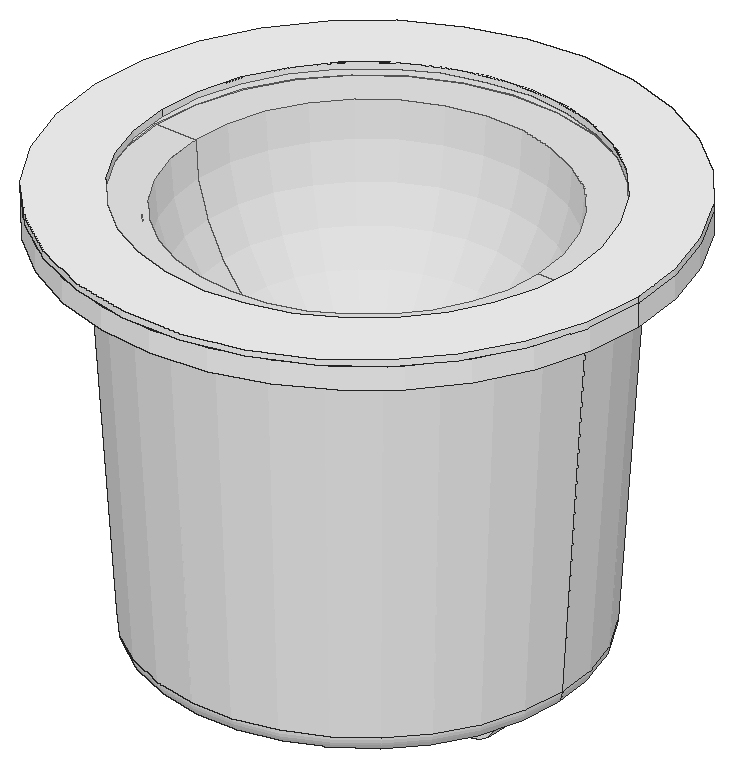
Revit family "2058909", category Lighting Fixtures, host Face, Revit 2018
Family settings
  Host = Face
  Round Connector Dimension = Use Diameter
  Part Type = Normal
  OmniClass Number = 23.80.70.11.17
  OmniClass Title = Specialized Lighting by Location or Use
  Cut with Voids When Loaded = No
  Light Source = Yes
  Shared = No
  Room Calculation Point = No
Parameters (values of type "2058909 MYRIAD DECO IP65 SP 3K DALI SI CBEZ")
  Weight = "n/a"
  Wattage = 15 W
  WarrantyStartDate [instance] = "n/a"
  WarrantyGuarantorParts = "n/a"
  WarrantyDurationUnit = "n/a"
  WarrantyDurationParts = ""
  WarrantyDescription = "http://www.sylvania-lighting.com"
  built-in parameter 1150110 = 1 (stored number, unit not read)
  Voltage = 230 V
  URL = "0"
  TypeName = "MYRIAD DECO IP65 SPOT 3000K DALI SILVER CBEZ"
  Type Image = 0
  Type Comments = ""
  built-in parameter 1114217 = 1 (stored number, unit not read)
  Tilt Angle = -90°
  built-in parameter 1150109 = 1 (stored number, unit not read)
  built-in parameter 1150134 = (empty or 0)
  built-in parameter 1150113 = 1 (stored number, unit not read)
  SerialNumber [instance] = "n/a"
  Reflector Radius = Cutout Diameter / 2 - 2.5 mm  # 35.0 mm
  Reflector Material = Aluminum_Sylvania_Myriad_Bright
  Recessed Depth = Height  # 72.0 mm
  PowerFactor = 0
  PowerConsumption = "Lighting"
  Photometric Web File = "2058909.ies"
  NominalWidth = 0.0 mm
  NominalLength = 76.0 mm
  NominalHeight = 72.0 mm
  Name = "MYRIAD DECO IP65 SPOT 3000K DALI SILVER CBEZ"
  ModelReference = "MYRIAD DECO IP65 SPOT 3000K DALI SILVER CBEZ"
  ModelNumber = "2058909"
  Material = "Feilo Sylvania"
  ManufacturerName = "111 lm/W"
  LuminousEfficacy = ""
  LuminaireType = "0"
  LightOutputRatio = "LED"
  LampsType = Lamp  # "n/a"
  LampNominalLuminous = "3000 K"
  LampMacAdamStep = "90"
  LampColourTemperature = "LED"
  LampColourRenderingIndex = "16500"
  Keynote = "n/a"
  Keynote_2 = "16500"
  InstallationDate [instance] = "n/a"
  InputVoltage = "0"
  InputNominalFrequency = "3000"
  IngressProtection = "IfcLightFixtureType"
  ImpactProtectionIndex = "IfcLightFixtureType"
  IfcExportType = "IfcLightFixtureType"
  IfcExportAs = "Class II"
  Height = 72.0 mm  # constant formula
  ExpectedLife = 50000
  Emit from Circle Diameter = Accessory Inner Diameter 2  # 68.0 mm
  Emit Shape Visible in Rendering = no
  ElectricShockClassification = "111"
  DurationUnit = "hours"
  DocumentationLiterature = "http://www.sylvania-lighting.com/product/en-int/products/2058909"
  DimmingControlOptions = "n/a"
  Diffuser Material = Glass_Sylvania_Myriad_Clear_4000K
  Diffuser Diameter = Cutout Diameter  # 75.0 mm
  Cutout Diameter = 75.0 mm  # constant formula
  CreatedOn = "03/02/2022"
  CreatedBy = "@sylvania-lighting.com"
  Cost = 0
  built-in parameter 1114216 [instance] = 1 (stored number, unit not read)
  Model = "MYRIAD DECO IP65 SPOT 3000K DALI SILVER CBEZ"
  Manufacturer = "Feilo Sylvania"  # constant formula
  built-in parameter 1150105 = 83.556 (stored number, unit not read)
  Lumens = 1050 lm
  built-in parameter 1150115 = 1 (stored number, unit not read)
  built-in parameter 1150137 = (empty or 0)
  built-in parameter 1150139 = (empty or 0)
  built-in parameter 1150112 = 1 (stored number, unit not read)
  built-in parameter 1150114 = 1 (stored number, unit not read)
  Lamp = "n/a"
  built-in parameter 1150132 = (empty or 0)
  built-in parameter 1150102 = (empty or 0)
  built-in parameter 1150107 = 2700 (stored number, unit not read)
  built-in parameter 1150138 = (empty or 0)
  built-in parameter 1150106 = 0.83556 (stored number, unit not read)
  built-in parameter 1150104 = 6.5032 (stored number, unit not read)
  Dimming Lamp Color Temperature Shift = <None>
  Description = "Supplied complete with electronic control gear Compact Fluorescent low energy downlight Emergency version passes through the cut out Ideal for low level orientation lighting New range of Architectural accessories each providing a different lit dimension New completely flush plaster up accessory ring for clean ceiling lines and smooth finish Order lamp separately"  # constant formula
  Default Elevation = 0.0 mm
  Color Filter = 16777215
  built-in parameter 1140040 [instance] = 1
  Body Radius = Reflector Radius + 1.5 mm  # 36.5 mm
  Body Material = Aluminum_Sylvania_Myriad_Gray
  BarCode [instance] = "n/a"
  built-in parameter 1114218 = 1 (stored number, unit not read)
  built-in parameter 1150133 = 10 (stored number, unit not read)
  AssetType = "Fixed"
  AssetIdentifier [instance] = "n/a"
  Assembly Code = "D5020200"
  Apparent Load = 10 VA
  Accessory Material = Aluminum_Sylvania_Myriad_White
  Accessory Inner Diameter 2 = Accessory Diameter - 22.0 mm  # 68.0 mm
  Accessory Inner Diameter 1 = Accessory Diameter - 2.0 mm  # 88.0 mm
  Accessory Diameter = Cutout Diameter + 15.0 mm  # 90.0 mm
Reference planes
  plane 1 "Center (Front/Back)": y = 0
  plane 2: z = 0
  plane 3 "Center (Left/Right)": x = 0
  plane 4: z = 2
  plane 5 "Fixture Bottom": z = 4.5
  plane 6: z = -28.5
  plane 7: z = -61.5
  plane 8 "Fixture Top": z = -67.5
  plane 9: z = 3.5
Forms (mm)
  Revolve 1, solid, material "Aluminum_Sylvania_Myriad_Bright" <- "Reflector Material", detail levels fine
    sketch origin (0, 0, 0) x (1, 0, 0) y (0, 0, 1)
      loop
        line (0, -27.515) -> (-6, -27.515)
        arc (-6, -27.515) -> (-22.333, -16.632) -> (-28.5, 2) r 30.135
        line (-28.5, 2) -> (-35, 2) -> (-35, 0) -> (-29.184, 0)
        arc (-29.184, 0) -> (-22.423, -18.18) -> (-6, -28.5) r 30.204
        line (-6, -28.5) -> (0, -28.5) -> (0, -27.515)
      axis (0, -28.5) -> (0, 2)
    angle from 0 to 360
  Revolve 2, solid, material "Aluminum_Sylvania_Myriad_Gray" <- "Body Material", detail levels fine
    sketch origin (0, 0, 0) x (1, 0, 0) y (0, 0, 1)
      loop
        line (-44, 2) -> (-44, 0) -> (-36.5, 0) -> (-32.42, -58.708)
        arc (-32.42, -58.708) -> (-31.474, -60.694) -> (-29.428, -61.5) r 3
        line (-29.428, -61.5) -> (0, -61.5) -> (0, -28.5) -> (-6, -28.5)
        arc (-6, -28.5) -> (-22.423, -18.18) -> (-29.184, 0) r 30.204
        line (-29.184, 0) -> (-35, 0) -> (-35, 2) -> (-44, 2)
      axis (0, 2) -> (0, -61.5)
    angle from 0 to 360
  Extrusion 3, solid, material "Aluminum_Sylvania_Myriad_Gray" <- "Body Material", detail levels fine
    sketch origin (0, 0, 0) x (1, 0, 0) y (0, 0, 1)
      loop
        line (-13.5, -67.5) -> (21, -67.5)
        arc (21, -67.5) -> (23.828, -66.328) -> (25, -63.5) r 4
        line (25, -63.5) -> (25, -61.5) -> (-17.5, -61.5) -> (-17.5, -63.5)
        arc (-17.5, -63.5) -> (-16.328, -66.328) -> (-13.5, -67.5) r 4
    from -4.5 to 4.5
  Extrusion 4, solid, material "Aluminum_Sylvania_Myriad_White" <- "Accessory Material", detail levels fine
    sketch origin (0, 0, 0) x (1, 0, 0) y (0, 1, 0)
      loop
        circle (0, 0) r 45
      loop
        circle (0, 0) r 44
    from 0 to 3.5
  Extrusion 5, solid, material "Aluminum_Sylvania_Myriad_White" <- "Accessory Material", detail levels fine
    sketch origin (0, 0, 0) x (1, 0, 0) y (0, 1, 0)
      loop
        circle (0, 0) r 45
      loop
        circle (0, 0) r 34
    from 3.5 to 4.5
  Extrusion 6, solid, material "Aluminum_Sylvania_Myriad_White" <- "Accessory Material", detail levels coarse+medium
    sketch origin (0, 0, 0) x (1, 0, 0) y (0, 1, 0)
      loop
        circle (0, 0) r 45
    from 0 to 4.5
  Revolve 7, solid, detail levels coarse+medium
    sketch origin (0, 0, 0) x (1, 0, 0) y (0, 0, 1)
      loop
        line (36.5, 0) -> (0, 0) -> (0, -61.5) -> (32.226, -61.5) -> (36.5, 0)
      axis (0, 0) -> (0, -61.5)
    angle from 0 to 360
  Extrusion 8, void
    sketch origin (0, 0, 0) x (1, 0, 0) y (0, 1, 0)
      loop
        circle (0, 0) r 37.5
    from -67.5 to 0
  Extrusion 9, solid, material "Glass_Sylvania_Myriad_Clear_4000K" <- "Diffuser Material", detail levels fine
    sketch origin (0, 0, 0) x (1, 0, 0) y (0, 1, 0)
      loop
        circle (0, 0) r 37.5
    from 2 to 3.5
Cuts and joins
  joined: Extrusion 4, Extrusion 5
Lines and regions (mm)
  Masking region 1
    outline origin (0, 0, 0) x (1, 0, 0) y (0, 1, 0)
      loop
        circle (0, 0) r 45
  symbolic lines
    curve 1: arc (-34, 0, 0) -> (0, 34, 0) -> (34, 0, 0) r 34
    curve 2: arc (34, 0, 0) -> (0, -34, 0) -> (-34, 0, 0) r 34
Dimensions and locks
  locked: plane 7 to plane 8 "Fixture Top" at 6
  "Body Radius": Revolve 7 sketch curve to plane 3 "Center (Left/Right)"
  locked: Revolve 7 sketch curve to Revolve 7 sketch curve at 4.274
  plane 5 "Fixture Bottom" to plane 9 to plane 4 to plane 2 to plane 6 = 1.0 mm locked, 1.5 mm locked, 2.0 mm locked, 28.5 mm locked
  "Reflector Radius": Revolve 1 sketch curve to plane 3 "Center (Left/Right)"
  Revolve 1 sketch curve to Revolve 1 sketch curve to Revolve 1 sketch curve to Revolve 1 sketch curve = 6.5 mm locked, 22.5 mm locked, 0.0 mm locked
  "Reflector Radius": plane 3 "Center (Left/Right)" to Revolve 2 sketch curve
  Revolve 2 sketch curve to Revolve 2 sketch curve to Revolve 2 sketch curve = 7.5 mm locked, 1.5 mm locked
  Revolve 2 sketch curve to Revolve 2 sketch curve to Revolve 2 sketch curve = 5.816 mm locked, 23.184 mm locked
  Revolve 2 sketch curve to Revolve 2 sketch curve to Revolve 2 sketch curve = 2.58 mm locked, 2.993 mm locked
  "Accessory Diameter": diameter of Extrusion 4 sketch curve
  "Accessory Inner Diameter 1": diameter of Extrusion 4 sketch curve
  "Accessory Diameter": diameter of Extrusion 5 sketch curve
  "Accessory Diameter": diameter of Extrusion 6 sketch curve
  "Cutout Diameter": diameter of Extrusion 8 sketch curve
  "Accessory Inner Diameter 2": diameter of Extrusion 5 sketch curve
  "Diffuser Diameter": diameter of Extrusion 9 sketch curve
  aligned and locked: plane 2 to host face
  aligned and locked: level to host face
  aligned and locked: plane 1 "Center (Front/Back)" to imposter light
  aligned and locked: plane 3 "Center (Left/Right)" to imposter light
  aligned and locked: Revolve 1 sketch curve to imposter light
  aligned and locked: Extrusion 3 sketch curve to plane 8 "Fixture Top"
  aligned and locked: plane 7 to Extrusion 3 sketch curve
  aligned and locked: Extrusion 4 to plane 2
  aligned and locked: plane 9 to Extrusion 4
  aligned and locked: Extrusion 5 to plane 9
  aligned and locked: plane 5 "Fixture Bottom" to Extrusion 5
  aligned and locked: Extrusion 6 to plane 2
  aligned and locked: plane 5 "Fixture Bottom" to Extrusion 6
  aligned and locked: Extrusion 8 to plane 8 "Fixture Top"
  aligned and locked: plane 2 to Extrusion 8
  aligned and locked: Masking region 1 sketch curve to Extrusion 6  (x2)
  aligned and locked: Extrusion 9 to plane 4
  aligned and locked: plane 9 to Extrusion 9
  aligned and locked: plane 4 to Revolve 2 sketch curve
  aligned and locked: Revolve 2 sketch curve to plane 2
  aligned and locked: curve 1 to cut or joined group of Extrusion 4, Extrusion 5
  aligned and locked: curve 2 to cut or joined group of Extrusion 4, Extrusion 5
  aligned and locked: imposter light to plane 5 "Fixture Bottom"
Automatic sketch dimensions
  host sketch curve to host sketch curve = 1305.563 mm
  host sketch curve to host sketch curve = 1283.632 mm
  Extrusion 3 sketch curve to plane 7 = 2.0 mm
  Extrusion 3 sketch curve to plane 3 "Center (Left/Right)" = 13.5 mm
  plane 3 "Center (Left/Right)" to Extrusion 3 sketch curve = 21.0 mm
  Extrusion 3 sketch curve to Extrusion 3 sketch curve = 4.0 mm
  Revolve 1 sketch curve to level = 0.0 mm
  Revolve 1 sketch curve to plane 3 "Center (Left/Right)" = 0.0 mm
  Revolve 1 sketch curve to plane 6 = 0.0 mm
  Revolve 1 sketch curve to plane 4 = 0.0 mm
  Revolve 1 sketch curve to Revolve 1 sketch curve = 0.684 mm
  level to Revolve 1 sketch curve = 0.88 mm
  Revolve 1 sketch curve to plane 4 = 0.363 mm
  Revolve 1 sketch curve to Revolve 1 sketch curve = 0.625 mm
  Revolve 1 sketch curve to plane 8 "Fixture Top" = 232.8 mm
  plane 5 "Fixture Bottom" to Revolve 1 sketch curve = 291.243 mm
  Revolve 2 sketch curve to plane 3 "Center (Left/Right)" = 0.0 mm  (x2)
  Revolve 2 sketch curve to plane 7 = 0.0 mm
  Revolve 2 sketch curve to plane 6 = 0.0 mm
  Revolve 2 sketch curve to level = 0.0 mm
  level to Revolve 2 sketch curve = 0.88 mm
  plane 7 to Revolve 2 sketch curve = 2.792 mm
  Revolve 2 sketch curve to plane 8 "Fixture Top" = 304.774 mm
  plane 5 "Fixture Bottom" to Revolve 2 sketch curve = 1137.105 mm
  Extrusion 4 sketch curve to Extrusion 4 sketch curve = 0.0 mm  (x2)
  plane 1 "Center (Front/Back)" to Extrusion 4 sketch curve = 0.0 mm
  Extrusion 4 sketch curve to plane 3 "Center (Left/Right)" = 0.0 mm
  Extrusion 5 sketch curve to Extrusion 5 sketch curve = 0.0 mm  (x2)
  plane 1 "Center (Front/Back)" to Extrusion 5 sketch curve = 0.0 mm
  Extrusion 5 sketch curve to plane 3 "Center (Left/Right)" = 0.0 mm
  plane 1 "Center (Front/Back)" to Extrusion 6 sketch curve = 0.0 mm
  Extrusion 6 sketch curve to plane 3 "Center (Left/Right)" = 0.0 mm
  Revolve 7 sketch curve to level = 0.0 mm
  Revolve 7 sketch curve to plane 3 "Center (Left/Right)" = 0.0 mm  (x2)
  Revolve 7 sketch curve to plane 7 = 0.0 mm
  Revolve 7 sketch curve to plane 8 "Fixture Top" = 304.774 mm
  plane 5 "Fixture Bottom" to Revolve 7 sketch curve = 43.226 mm
  plane 1 "Center (Front/Back)" to Extrusion 8 sketch curve = 0.0 mm
  Extrusion 8 sketch curve to plane 3 "Center (Left/Right)" = 0.0 mm
  plane 1 "Center (Front/Back)" to Extrusion 9 sketch curve = 0.0 mm
  Extrusion 9 sketch curve to plane 3 "Center (Left/Right)" = 0.0 mm
Connectors
  electrical at (-0.006, -0.019, -67.5), driven by "Apparent Load", driven by "Apparent Load"
    settings: on plane 8 "Fixture Top", index 1, voltage 230 V, apparent load 10 VA, apparent load phase1 10 VA, apparent load phase2 0 VA, apparent load phase3 0 VA, power factor 1, load classification "Lighting", number of poles 1, system type 30, power factor state 1, is connector primary yes, connector utility no, sub classification motor no, connector description ""
